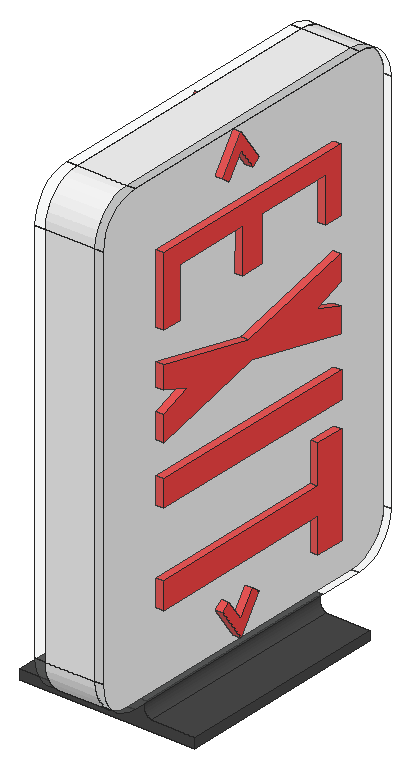
Revit family "SEMR_End", category Lighting Fixtures, host Face, Revit 2014
Parameters (values of type "SEMR")
  zz Length 1 [instance] = if(Single Face, 0.200", 0.250")  # 0.200"
  Watts = 3.72 W
  Wattage Comments = "3.72 W"
  Warranty = "Fixture: 5 Years Full; Battery: 2 Years Full, 8 Years Pro-Rata"  # constant formula
  Wall Plate Material = Hubbell - Black
  Voltage [instance] = if(Is 120VAC, 120 V, 277 V)  # 120 V
  URL = "https://www.hubbell.com/dual-lite/en"
  Type Comments = "Exit Light"  # constant formula
  Single Face = yes
  Product Page URL = "https://www.hubbell.com/dual-lite/en/Products/Lighting-Controls/Emergency-Exit-Lighting/Exit-Message-Signs/SEMR-Series/p/222337"
  Product Documentation Link = "https://hubbellcdn.com/specsheet/dlt_semr_specsht.pdf"
  Model = "SEMR"
  Manufacturer = "DUAL-LITE"  # constant formula
  Load Classification = Lighting
  Lens = Hubbell - Green Glass
  Lamp = "LED Lamp"  # constant formula
  Is 277VAC [instance] = not(Is 120VAC)  # no
  Is 120VAC [instance] = yes
  Holder Material = Hubbell - Steel
  Glass = Hubbell - light Glass
  Finish = Hubbell - White
  Features = "High-strength cast aluminum construction\r\n• Compact, low-profile style\r\n• Red and Green letters\r\n• Break out chevron directional arrows\r\n• Wide range of options including vandal/tamper-proof"  # constant formula
  End = End : C1
  Double Face = yes
  Description = "A nickel-cadmium battery is supplied with master exits and comes with a solid state constant current type charger. Transfer to emergency\r\noperation is completely automatic upon failure of utility AC voltage. Units also have a built-in protection for transformer isolation, surge,\r\ntransient and low voltage disconnect. Emergency operation shall be provided for a minimum of 90 minutes. Full battery recharge occurs\r\nin compliance with UL 924 specifications. A universal 120/277 VAC, 60Hz input transformer, test switch and long life AC pilot light are all\r\nprovided standard. Exit signs must comply with all UL 924 and NFPA 101 Life Safety Code requirement"  # constant formula
  Default Elevation = 48.000"
  Certification = "UL 924 Listed\r\nNFPA 101 Life Safety Code\r\nCEC T20 Compliant"  # constant formula
  Application = "The Sempra® MR Series are a set of compact, low-profile Master/\r\nRemote exit sign featuring cast aluminum construction. It allows for\r\neasy installation and has energy saving, long-life LED lamps. "  # constant formula
  Apparent Load = Watts  # 3.72 VA
Reference planes (in)
  plane 1 "Center (Front/Back)": y = 0
  plane 2: z = 0
  plane 3 "Center (Left/Right)": x = 0
  plane 4: x = -6.25
  plane 5: x = 6.25
  plane 6: x = -2.75
  plane 7: x = 2.75
  plane 8: z = 9.3
  plane 9: y = -1.25
  plane 10: y = 1.25
  plane 11: y = -2.2
  plane 12: y = 2.2
Forms (in)
  Extrusion 1, solid, material "Hubbell - Black" <- "Wall Plate Material"
    sketch origin (-0.33698, -0.33698, 0) x (1, 0, 0) y (0, 0, 1)
      loop
        line (2.20258, 0) -> (2.20258, 0.24288) -> (1.0795, 0.24288)
        arc (1.0795, 0.24288) -> (0.94157, 0.42301) -> (0.97906, 0.64676) r 0.28476
        line (0.97906, 0.64676) -> (-0.97906, 0.64676)
        arc (-0.97906, 0.64676) -> (-0.94157, 0.42301) -> (-1.0795, 0.24288) r 0.28476
        line (-1.0795, 0.24288) -> (-2.20258, 0.24288) -> (-2.20258, 0) -> (2.20258, 0)
    from -2.75 to 2.75
Dimensions and locks (in)
  plane 4 to plane 3 "Center (Left/Right)" = 6.250"
  equal spacing: plane 4, plane 3 "Center (Left/Right)", plane 5
  equal spacing: plane 6, plane 3 "Center (Left/Right)", plane 7
  plane 6 to plane 3 "Center (Left/Right)" = 2.750"
  plane 7 to plane 6 = 5.500"
  plane 5 to plane 4 = 12.500"
  aligned and locked: plane 2 to host face
  aligned and locked: level to host face
Automatic sketch dimensions
  host sketch curve to host sketch curve = 96.000"  (x2)
  Extrusion 1 sketch curve to level = 0.000"
  plane 6 to Extrusion 1 sketch curve = 0.21043"
  level to Extrusion 1 sketch curve = 0.49173"
  Extrusion 1 sketch curve to Extrusion 1 sketch curve = 0.98467"
  Extrusion 1 sketch curve to Extrusion 1 sketch curve = 0.13842"  (x2)
  Extrusion 1 sketch curve to Extrusion 1 sketch curve = 0.23886"
  plane 3 "Center (Left/Right)" to Extrusion 1 sketch curve = 0.64208"
  Extrusion 1 sketch curve to Extrusion 1 sketch curve = 0.10044"
  level to Extrusion 1 sketch curve = 0.24288"
  Extrusion 1 sketch curve to plane 7 = 0.8844"
  Extrusion 1 sketch curve to Extrusion 1 sketch curve = 0.24288"
Nested families (in)
  nested 1: "End" at (-0.14499, 0, 0.625) x (0, -1, 0) z (0, 0, 1), type <- "End", type "C1"
Connectors (in)
  electrical at (-0.33698, -0.33698, 0), driven by "Voltage", driven by "Apparent Load"
    settings: on Extrusion 1, index 1, voltage 120 V, apparent load 3.72 VA, apparent load phase1 0 VA, apparent load phase2 0 VA, apparent load phase3 0 VA, power factor 1, load classification "Other", number of poles 1, system type 30, power factor state 1, is connector primary yes, connector utility no, sub classification motor no, connector description "Lighting Connector"
Definition of nested family "End"
  Parameters (values of type "C1")
    Single Face = yes
    Lens = Hubbell - Red Glass
    Glass = Hubbell - Glass
    Finish = Hubbell - White
    Double Face = yes
  Reference planes (in)
    plane 1 "Center (Front/Back)": y = 0
    plane 2: z = 0
    plane 3 "Center (Left/Right)": x = 0
    plane 4: x = -5.875
    plane 5: x = 5.875
    plane 6: z = 9.055
    plane 7: y = 0.866
    plane 8: y = -0.866
  Forms (in)
    Extrusion 1, solid, material "Hubbell - White" <- "Finish"
      sketch origin (4.7775, 0.02507, 5.9025) x (0, 0, 1) y (-1, 0, 0)
        loop
          arc (-4.875, 9.3) -> (-5.58211, 9.00711) -> (-5.875, 8.3) r 1
          line (-5.875, 8.3) -> (-5.875, 1.25)
          arc (-5.875, 1.25) -> (-5.58211, 0.54289) -> (-4.875, 0.25) r 1
          line (-4.875, 0.25) -> (4.875, 0.25)
          arc (4.875, 0.25) -> (5.58211, 0.54289) -> (5.875, 1.25) r 1
          line (5.875, 1.25) -> (5.875, 8.3)
          arc (5.875, 8.3) -> (5.58211, 9.00711) -> (4.875, 9.3) r 1
          line (4.875, 9.3) -> (-4.875, 9.3)
      from -0.625 to 0.625
    Extrusion 2, solid, material "Hubbell - Red Glass" <- "Lens", visible <- "Single Face"
      sketch origin (-3.82708, 0.02507, 5.9025) x (0, 0, -1) y (1, 0, 0)
        loop
          line (-4.88814, 3.88778) -> (-5.7073, 3.3142) -> (-4.88814, 2.74063) -> (-4.74475, 2.94542) -> (-5.27143, 3.3142) -> (-4.74475, 3.68299) -> (-4.88814, 3.88778)
        loop
          line (4.88814, 3.88778) -> (4.74475, 3.68299) -> (5.27143, 3.3142) -> (4.74475, 2.94542) -> (4.88814, 2.74063) -> (5.7073, 3.3142) -> (4.88814, 3.88778)
        loop
          line (2.43416, 6.45678) -> (2.43416, 5.97564) -> (3.5716, 5.97564) -> (3.5716, 3.97225) -> (2.43416, 3.97225) -> (2.43416, 3.36683) -> (3.55274, 3.3823) -> (3.55274, 1.3823) -> (2.30274, 1.3823) -> (2.30274, 0.8823) -> (4.05274, 0.8823) -> (4.05274, 6.45678) -> (2.43416, 6.45678)
        loop
          line (1.58093, 6.45573) -> (0.95036, 6.45573) -> (0.67318, 5.69418) -> (0.396, 6.45573) -> (-0.23457, 6.45573) -> (0.40867, 3.66954) -> (-0.23457, 0.88335) -> (0.396, 0.88335) -> (0.67318, 1.64489) -> (0.95036, 0.88335) -> (1.53078, 0.88335) -> (0.91261, 3.56092) -> (1.58093, 6.45573)
        loop
          line (-1.71319, 6.47228) -> (-1.71319, 0.88335) -> (-1.04357, 0.88335) -> (-1.04357, 6.47228) -> (-1.71319, 6.47228)
        loop
          line (-2.31807, 1.07085) -> (-2.31807, 1.80238) -> (-3.19038, 1.80238) -> (-3.19038, 6.65978) -> (-3.86, 6.65978) -> (-3.86, 1.80238) -> (-4.82984, 1.80238) -> (-4.82984, 1.07085) -> (-2.31807, 1.07085)
      from 0.625 to 0.89107
    Extrusion 3, solid, material "Hubbell - Glass" <- "Glass", visible <- "Single Face"
      sketch origin (4.7775, 0.02507, 5.9025) x (0, 0, 1) y (-1, 0, 0)
        loop
          line (-5.875, 8.305) -> (-5.875, 1.25)
          arc (-5.875, 1.25) -> (-5.58211, 0.54289) -> (-4.875, 0.25) r 1
          line (-4.875, 0.25) -> (4.875, 0.25)
          arc (4.875, 0.25) -> (5.58211, 0.54289) -> (5.875, 1.25) r 1
          line (5.875, 1.25) -> (5.875, 8.305)
          arc (5.875, 8.305) -> (5.58211, 9.01211) -> (4.875, 9.305) r 1
          line (4.875, 9.305) -> (-4.875, 9.305)
          arc (-4.875, 9.305) -> (-5.58211, 9.01211) -> (-5.875, 8.305) r 1
      from 0.625 to 0.89107
    Extrusion 4, solid, material "Hubbell - Red Glass" <- "Lens", visible <- "Double Face"
      sketch origin (3.5275, 0.02507, 5.9025) x (0, 0, 1) y (1, 0, 0)
        loop
          line (-4.88814, -3.88778) -> (-4.74475, -3.68299) -> (-5.27143, -3.3142) -> (-4.74475, -2.94542) -> (-4.88814, -2.74063) -> (-5.7073, -3.3142) -> (-4.88814, -3.88778)
        loop
          line (4.88814, -3.88778) -> (5.7073, -3.3142) -> (4.88814, -2.74063) -> (4.74475, -2.94542) -> (5.27143, -3.3142) -> (4.74475, -3.68299) -> (4.88814, -3.88778)
        loop
          line (2.43416, -6.45678) -> (4.05274, -6.45678) -> (4.05274, -0.8823) -> (2.30274, -0.8823) -> (2.30274, -1.3823) -> (3.55274, -1.3823) -> (3.55274, -3.3823) -> (2.43416, -3.36683) -> (2.43416, -3.97225) -> (3.5716, -3.97225) -> (3.5716, -5.97564) -> (2.43416, -5.97564) -> (2.43416, -6.45678)
        loop
          line (1.58093, -6.45573) -> (0.91261, -3.56092) -> (1.53078, -0.88335) -> (0.95036, -0.88335) -> (0.67318, -1.64489) -> (0.396, -0.88335) -> (-0.23457, -0.88335) -> (0.40867, -3.66954) -> (-0.23457, -6.45573) -> (0.396, -6.45573) -> (0.67318, -5.69418) -> (0.95036, -6.45573) -> (1.58093, -6.45573)
        loop
          line (-1.71319, -6.47228) -> (-1.04357, -6.47228) -> (-1.04357, -0.88335) -> (-1.71319, -0.88335) -> (-1.71319, -6.47228)
        loop
          line (-4.89234, -6.47228) -> (-2.38057, -6.47228) -> (-2.38057, -5.74075) -> (-3.35041, -5.74075) -> (-3.35041, -0.88335) -> (-4.02003, -0.88335) -> (-4.02003, -5.74075) -> (-4.89234, -5.74075) -> (-4.89234, -6.47228)
      from 0.625 to 0.84093
    Extrusion 5, solid, material "Hubbell - Glass" <- "Glass", visible <- "Double Face"
      sketch origin (4.7775, 0.02507, 5.9025) x (0, 0, 1) y (1, 0, 0)
        loop
          line (5.875, -8.3) -> (5.875, -1.25)
          arc (5.875, -1.25) -> (5.58211, -0.54289) -> (4.875, -0.25) r 1
          line (4.875, -0.25) -> (-4.875, -0.25)
          arc (-4.875, -0.25) -> (-5.58211, -0.54289) -> (-5.875, -1.25) r 1
          line (-5.875, -1.25) -> (-5.875, -8.3)
          arc (-5.875, -8.3) -> (-5.58211, -9.00711) -> (-4.875, -9.3) r 1
          line (-4.875, -9.3) -> (4.875, -9.3)
          arc (4.875, -9.3) -> (5.58211, -9.00711) -> (5.875, -8.3) r 1
      from 0.625 to 0.84093
  Dimensions and locks (in)
    Extrusion 5 to Extrusion 3 = 1.732"
    aligned and locked: plane 2 to level
